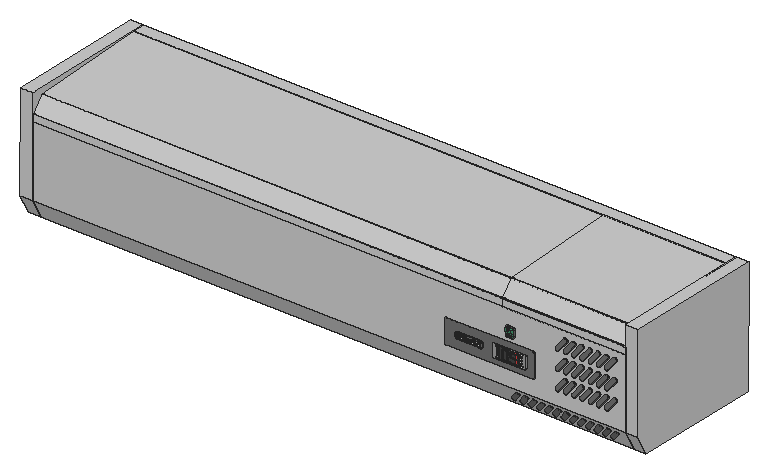
Revit family "QF_BLIZZARD_TOP1500-14EN", category Specialty Equipment, Revit 2016
Family settings
  Part Type = Normal
  Round Connector Dimension = Use Diameter
  OmniClass Number = 23.40.40.14
  OmniClass Title = Food Service Equipment
  Work Plane-Based = No
  Always vertical = Yes
  Cut with Voids When Loaded = No
  Shared = No
  Room Calculation Point = No
Parameters (values of type "TOP1500-14EN")
  URL = "www.blizzardequipment.com"
  Show Logo [instance] = yes
  Show Clearance [instance] = yes
  Model = "TOP1500-14EN"
  Manufacturer = "BLIZZARD"
  Description = "1/4 GASTRONORM PREP TOP WITH HINGED LID 1500MM"
  Assembly Code = "E1090320"
Reference planes
  plane 1 "Back": y = 0
  plane 2: z = 0
  plane 3 "Left": x = 0
  plane 4 "Right": x = 1500
  plane 5 "Front": y = -335
  plane 6 "Top": z = 281
Forms (mm)
  Extrusion 1, solid
    sketch origin (0, -4, -8) x (0, 1, 0) y (0, 0, 1)
      loop
        line (-331, 53) -> (-306, 8) -> (2.955, 8)
        arc (2.955, 8) -> (3.694, 8.306) -> (4, 9.045) r 1.045
        line (4, 9.045) -> (4, 289) -> (-331, 289) -> (-331, 53)
    from 0 to 30
  Extrusion 2, solid
    sketch origin (1470, -4, -8) x (0, 1, 0) y (0, 0, 1)
      loop
        line (-331, 53) -> (-306, 8) -> (2.955, 8)
        arc (2.955, 8) -> (3.694, 8.306) -> (4, 9.045) r 1.045
        line (4, 9.045) -> (4, 289) -> (-331, 289) -> (-331, 53)
    from 0 to 30
  Extrusion 3, solid
    sketch origin (-580, -4, -8) x (0, 1, 0) y (0, 0, 1)
      loop
        line (-331, 53) -> (-306, 8) -> (2.955, 8)
        arc (2.955, 8) -> (3.694, 8.306) -> (4, 9.045) r 1.045
        line (4, 9.045) -> (4, 289) -> (-26, 289) -> (-26, 38) -> (-288.348, 38) -> (-301, 60.774) -> (-301, 224.338) -> (-331, 224.338) -> (-331, 53)
    from 610 to 2050
  Extrusion 4, solid
    sketch origin (290, -333.5, -8.948) x (1, 0, 0) y (0, 0, 1)
      loop
        line (1030, 207.338) -> (1011.08, 183.441)
        arc (1011.08, 183.441) -> (1011.896, 176.418) -> (1018.92, 177.234) r 5
        line (1018.92, 177.234) -> (1037.84, 201.13)
        arc (1037.84, 201.13) -> (1037.024, 208.154) -> (1030, 207.338) r 5
      loop
        line (1050, 207.338) -> (1031.08, 183.441)
        arc (1031.08, 183.441) -> (1031.896, 176.418) -> (1038.92, 177.234) r 5
        line (1038.92, 177.234) -> (1057.84, 201.13)
        arc (1057.84, 201.13) -> (1057.024, 208.154) -> (1050, 207.338) r 5
      loop
        line (1070, 207.338) -> (1051.08, 183.441)
        arc (1051.08, 183.441) -> (1051.896, 176.418) -> (1058.92, 177.234) r 5
        line (1058.92, 177.234) -> (1077.84, 201.13)
        arc (1077.84, 201.13) -> (1077.024, 208.154) -> (1070, 207.338) r 5
      loop
        line (1090, 207.338) -> (1071.08, 183.441)
        arc (1071.08, 183.441) -> (1071.896, 176.418) -> (1078.92, 177.234) r 5
        line (1078.92, 177.234) -> (1097.84, 201.13)
        arc (1097.84, 201.13) -> (1097.024, 208.154) -> (1090, 207.338) r 5
      loop
        line (1110, 207.338) -> (1091.08, 183.441)
        arc (1091.08, 183.441) -> (1091.896, 176.418) -> (1098.92, 177.234) r 5
        line (1098.92, 177.234) -> (1117.84, 201.13)
        arc (1117.84, 201.13) -> (1117.024, 208.154) -> (1110, 207.338) r 5
      loop
        line (1130, 207.338) -> (1111.08, 183.441)
        arc (1111.08, 183.441) -> (1111.896, 176.418) -> (1118.92, 177.234) r 5
        line (1118.92, 177.234) -> (1137.84, 201.13)
        arc (1137.84, 201.13) -> (1137.024, 208.154) -> (1130, 207.338) r 5
      loop
        line (1150, 207.338) -> (1131.08, 183.441)
        arc (1131.08, 183.441) -> (1131.896, 176.418) -> (1138.92, 177.234) r 5
        line (1138.92, 177.234) -> (1157.84, 201.13)
        arc (1157.84, 201.13) -> (1157.024, 208.154) -> (1150, 207.338) r 5
      loop
        line (1030, 163.441) -> (1011.08, 139.545)
        arc (1011.08, 139.545) -> (1011.896, 132.521) -> (1018.92, 133.338) r 5
        line (1018.92, 133.338) -> (1037.84, 157.234)
        arc (1037.84, 157.234) -> (1037.024, 164.258) -> (1030, 163.441) r 5
      loop
        line (1050, 163.441) -> (1031.08, 139.545)
        arc (1031.08, 139.545) -> (1031.896, 132.521) -> (1038.92, 133.338) r 5
        line (1038.92, 133.338) -> (1057.84, 157.234)
        arc (1057.84, 157.234) -> (1057.024, 164.258) -> (1050, 163.441) r 5
      loop
        line (1070, 163.441) -> (1051.08, 139.545)
        arc (1051.08, 139.545) -> (1051.896, 132.521) -> (1058.92, 133.338) r 5
        line (1058.92, 133.338) -> (1077.84, 157.234)
        arc (1077.84, 157.234) -> (1077.024, 164.258) -> (1070, 163.441) r 5
      loop
        line (1090, 163.441) -> (1071.08, 139.545)
        arc (1071.08, 139.545) -> (1071.896, 132.521) -> (1078.92, 133.338) r 5
        line (1078.92, 133.338) -> (1097.84, 157.234)
        arc (1097.84, 157.234) -> (1097.024, 164.258) -> (1090, 163.441) r 5
      loop
        line (1110, 163.441) -> (1091.08, 139.545)
        arc (1091.08, 139.545) -> (1091.896, 132.521) -> (1098.92, 133.338) r 5
        line (1098.92, 133.338) -> (1117.84, 157.234)
        arc (1117.84, 157.234) -> (1117.024, 164.258) -> (1110, 163.441) r 5
      loop
        line (1130, 163.441) -> (1111.08, 139.545)
        arc (1111.08, 139.545) -> (1111.896, 132.521) -> (1118.92, 133.338) r 5
        line (1118.92, 133.338) -> (1137.84, 157.234)
        arc (1137.84, 157.234) -> (1137.024, 164.258) -> (1130, 163.441) r 5
      loop
        line (1150, 163.441) -> (1131.08, 139.545)
        arc (1131.08, 139.545) -> (1131.896, 132.521) -> (1138.92, 133.338) r 5
        line (1138.92, 133.338) -> (1157.84, 157.234)
        arc (1157.84, 157.234) -> (1157.024, 164.258) -> (1150, 163.441) r 5
      loop
        line (1030, 119.663) -> (1011.08, 95.767)
        arc (1011.08, 95.767) -> (1011.896, 88.743) -> (1018.92, 89.559) r 5
        line (1018.92, 89.559) -> (1037.84, 113.456)
        arc (1037.84, 113.456) -> (1037.024, 120.479) -> (1030, 119.663) r 5
      loop
        line (1050, 119.663) -> (1031.08, 95.767)
        arc (1031.08, 95.767) -> (1031.896, 88.743) -> (1038.92, 89.559) r 5
        line (1038.92, 89.559) -> (1057.84, 113.456)
        arc (1057.84, 113.456) -> (1057.024, 120.479) -> (1050, 119.663) r 5
      loop
        line (1070, 119.663) -> (1051.08, 95.767)
        arc (1051.08, 95.767) -> (1051.896, 88.743) -> (1058.92, 89.559) r 5
        line (1058.92, 89.559) -> (1077.84, 113.456)
        arc (1077.84, 113.456) -> (1077.024, 120.479) -> (1070, 119.663) r 5
      loop
        line (1090, 119.663) -> (1071.08, 95.767)
        arc (1071.08, 95.767) -> (1071.896, 88.743) -> (1078.92, 89.559) r 5
        line (1078.92, 89.559) -> (1097.84, 113.456)
        arc (1097.84, 113.456) -> (1097.024, 120.479) -> (1090, 119.663) r 5
      loop
        line (1110, 119.663) -> (1091.08, 95.767)
        arc (1091.08, 95.767) -> (1091.896, 88.743) -> (1098.92, 89.559) r 5
        line (1098.92, 89.559) -> (1117.84, 113.456)
        arc (1117.84, 113.456) -> (1117.024, 120.479) -> (1110, 119.663) r 5
      loop
        line (1130, 119.663) -> (1111.08, 95.767)
        arc (1111.08, 95.767) -> (1111.896, 88.743) -> (1118.92, 89.559) r 5
        line (1118.92, 89.559) -> (1137.84, 113.456)
        arc (1137.84, 113.456) -> (1137.024, 120.479) -> (1130, 119.663) r 5
      loop
        line (1150, 119.663) -> (1131.08, 95.767)
        arc (1131.08, 95.767) -> (1131.896, 88.743) -> (1138.92, 89.559) r 5
        line (1138.92, 89.559) -> (1157.84, 113.456)
        arc (1157.84, 113.456) -> (1157.024, 120.479) -> (1150, 119.663) r 5
    from 0 to 2
  Extrusion 5, solid
    sketch origin (1148, 205.936, 316.164) x (0, -0.34202, 0.939693) y (0, -0.939693, -0.34202)
      loop
        line (10.308, 247.326) -> (47.651, 233.734) -> (128.811, 499.195)
        arc (128.811, 499.195) -> (128.866, 499.813) -> (128.666, 500.4) r 1.501
        line (128.666, 500.4) -> (108.005, 535.217)
        arc (108.005, 535.217) -> (107.581, 535.724) -> (107.017, 536.068) r 2.032
        line (107.017, 536.068) -> (91.205, 542.456) -> (88.633, 535.39) -> (89.426, 502.22) -> (10.308, 247.326)
    from 24 to 322
  Extrusion 6, solid
    sketch origin (750.536, -333.5, -1719.361) x (1, 0, 0) y (0, 0, 1)
      loop
        arc (285, 1864.135) -> (281.464, 1862.671) -> (280, 1859.135) r 5
        line (280, 1859.135) -> (280, 1809.135)
        arc (280, 1809.135) -> (281.464, 1805.6) -> (285, 1804.135) r 5
        line (285, 1804.135) -> (494.464, 1804.135)
        arc (494.464, 1804.135) -> (498, 1805.6) -> (499.464, 1809.135) r 5
        line (499.464, 1809.135) -> (499.464, 1859.135)
        arc (499.464, 1859.135) -> (498, 1862.671) -> (494.464, 1864.135) r 5
        line (494.464, 1864.135) -> (285, 1864.135)
    from 0 to 2
  Extrusion 7, solid
    sketch origin (892.5, -333.5, -693.976) x (1, 0, 0) y (0, 0, 1)
      loop
        arc (260.5, 825) -> (258.379, 824.121) -> (257.5, 822) r 3
        line (257.5, 822) -> (257.5, 795.5)
        arc (257.5, 795.5) -> (258.379, 793.379) -> (260.5, 792.5) r 3
        line (260.5, 792.5) -> (334.5, 792.5)
        arc (334.5, 792.5) -> (336.621, 793.379) -> (337.5, 795.5) r 3
        line (337.5, 795.5) -> (337.5, 822)
        arc (337.5, 822) -> (336.621, 824.121) -> (334.5, 825) r 3
        line (334.5, 825) -> (260.5, 825)
    from 0 to 4
  Extrusion 8, solid
    sketch origin (892.5, -336.5, -683.976) x (1, 0, 0) y (0, 0, 1)
      loop
        arc (278, 812.5) -> (275.879, 811.621) -> (275, 809.5) r 3
        line (275, 809.5) -> (275, 788)
        arc (275, 788) -> (275.879, 785.879) -> (278, 785) r 3
        line (278, 785) -> (317, 785)
        arc (317, 785) -> (319.121, 785.879) -> (320, 788) r 3
        line (320, 788) -> (320, 809.5)
        arc (320, 809.5) -> (319.121, 811.621) -> (317, 812.5) r 3
        line (317, 812.5) -> (278, 812.5)
    from 0 to 2
  Extrusion 9, solid
    sketch origin (893.951, -337, -684.476) x (1, 0, 0) y (0, 0, 1)
      loop
        line (278.549, 800.5) -> (280.549, 800.5) -> (280.549, 809) -> (278.549, 809) -> (278.549, 800.5)
      loop
        line (278.549, 789) -> (280.549, 789) -> (280.549, 797) -> (278.549, 797) -> (278.549, 789)
      loop
        line (281.049, 811.5) -> (281.049, 809.5) -> (291.049, 809.5) -> (291.049, 811.5) -> (281.049, 811.5)
      loop
        line (293.549, 800.5) -> (293.549, 809) -> (291.549, 809) -> (291.549, 800.5) -> (293.549, 800.5)
      loop
        line (293.549, 789) -> (293.549, 797) -> (291.549, 797) -> (291.549, 789) -> (293.549, 789)
      loop
        line (281.049, 786.5) -> (291.049, 786.5) -> (291.049, 788.5) -> (281.049, 788.5) -> (281.049, 786.5)
      loop
        line (298.549, 800.5) -> (300.549, 800.5) -> (300.549, 809) -> (298.549, 809) -> (298.549, 800.5)
      loop
        line (301.049, 811.5) -> (301.049, 809.5) -> (311.049, 809.5) -> (311.049, 811.5) -> (301.049, 811.5)
      loop
        line (313.549, 800.5) -> (313.549, 809) -> (311.549, 809) -> (311.549, 800.5) -> (313.549, 800.5)
      loop
        line (313.549, 789) -> (313.549, 797) -> (311.549, 797) -> (311.549, 789) -> (313.549, 789)
      loop
        line (301.049, 798) -> (311.049, 798) -> (311.049, 800) -> (301.049, 800) -> (301.049, 798)
      loop
        line (301.049, 786.5) -> (311.049, 786.5) -> (311.049, 788.5) -> (301.049, 788.5) -> (301.049, 786.5)
      loop
        line (297.049, 786.5) -> (297.049, 788.5) -> (295.049, 788.5) -> (295.049, 786.5) -> (297.049, 786.5)
    from 0 to 2
  Extrusion 10, solid
    sketch origin (865.5, -336, -1688.976) x (1, 0, 0) y (0, 0, 1)
      loop
        arc (300, 1815) -> (299.121, 1817.121) -> (297, 1818) r 3
        line (297, 1818) -> (292, 1818) -> (292, 1816) -> (297, 1816)
        arc (297, 1816) -> (297.707, 1815.707) -> (298, 1815) r 1
        line (298, 1815) -> (298, 1811.5) -> (295, 1811.5) -> (295, 1809.5) -> (298, 1809.5) -> (298, 1805) -> (295, 1805) -> (295, 1803) -> (298, 1803) -> (298, 1798.5) -> (295, 1798.5) -> (295, 1796.5) -> (298, 1796.5) -> (298, 1793)
        arc (298, 1793) -> (297.707, 1792.293) -> (297, 1792) r 1
        line (297, 1792) -> (292, 1792) -> (292, 1790) -> (297, 1790)
        arc (297, 1790) -> (299.121, 1790.879) -> (300, 1793) r 3
        line (300, 1793) -> (300, 1815)
      loop
        line (349, 1815) -> (349, 1793)
        arc (349, 1793) -> (349.879, 1790.879) -> (352, 1790) r 3
        line (352, 1790) -> (357, 1790) -> (357, 1792) -> (352, 1792)
        arc (352, 1792) -> (351.293, 1792.293) -> (351, 1793) r 1
        line (351, 1793) -> (351, 1796.5) -> (354, 1796.5) -> (354, 1798.5) -> (351, 1798.5) -> (351, 1803) -> (354, 1803) -> (354, 1805) -> (351, 1805) -> (351, 1809.5) -> (354, 1809.5) -> (354, 1811.5) -> (351, 1811.5) -> (351, 1815)
        arc (351, 1815) -> (351.293, 1815.707) -> (352, 1816) r 1
        line (352, 1816) -> (357, 1816) -> (357, 1818) -> (352, 1818)
        arc (352, 1818) -> (349.879, 1817.121) -> (349, 1815) r 3
    from 0 to 2
  Extrusion 11, solid
    sketch origin (6, 205.936, 316.164) x (0, -0.34202, 0.939693) y (0, -0.939693, -0.34202)
      loop
        line (10.308, 247.326) -> (47.651, 233.734) -> (128.811, 499.195)
        arc (128.811, 499.195) -> (128.866, 499.813) -> (128.666, 500.4) r 1.501
        line (128.666, 500.4) -> (108.005, 535.217)
        arc (108.005, 535.217) -> (107.581, 535.724) -> (107.017, 536.068) r 2.032
        line (107.017, 536.068) -> (91.205, 542.456) -> (88.633, 535.39) -> (89.426, 502.22) -> (10.308, 247.326)
    from 24 to 1464
  Extrusion 12, solid
    sketch origin (290, -228.186, -144.176) x (1, 0, 0) y (0, -0.485643, 0.874157)
      loop
        line (1030, 207.338) -> (1011.08, 183.441)
        arc (1011.08, 183.441) -> (1011.896, 176.418) -> (1018.92, 177.234) r 5
        line (1018.92, 177.234) -> (1037.84, 201.13)
        arc (1037.84, 201.13) -> (1037.024, 208.154) -> (1030, 207.338) r 5
      loop
        line (1050, 207.338) -> (1031.08, 183.441)
        arc (1031.08, 183.441) -> (1031.896, 176.418) -> (1038.92, 177.234) r 5
        line (1038.92, 177.234) -> (1057.84, 201.13)
        arc (1057.84, 201.13) -> (1057.024, 208.154) -> (1050, 207.338) r 5
      loop
        line (1070, 207.338) -> (1051.08, 183.441)
        arc (1051.08, 183.441) -> (1051.896, 176.418) -> (1058.92, 177.234) r 5
        line (1058.92, 177.234) -> (1077.84, 201.13)
        arc (1077.84, 201.13) -> (1077.024, 208.154) -> (1070, 207.338) r 5
      loop
        line (1090, 207.338) -> (1071.08, 183.441)
        arc (1071.08, 183.441) -> (1071.896, 176.418) -> (1078.92, 177.234) r 5
        line (1078.92, 177.234) -> (1097.84, 201.13)
        arc (1097.84, 201.13) -> (1097.024, 208.154) -> (1090, 207.338) r 5
      loop
        line (1110, 207.338) -> (1091.08, 183.441)
        arc (1091.08, 183.441) -> (1091.896, 176.418) -> (1098.92, 177.234) r 5
        line (1098.92, 177.234) -> (1117.84, 201.13)
        arc (1117.84, 201.13) -> (1117.024, 208.154) -> (1110, 207.338) r 5
      loop
        line (1130, 207.338) -> (1111.08, 183.441)
        arc (1111.08, 183.441) -> (1111.896, 176.418) -> (1118.92, 177.234) r 5
        line (1118.92, 177.234) -> (1137.84, 201.13)
        arc (1137.84, 201.13) -> (1137.024, 208.154) -> (1130, 207.338) r 5
      loop
        line (1150, 207.338) -> (1131.08, 183.441)
        arc (1131.08, 183.441) -> (1131.896, 176.418) -> (1138.92, 177.234) r 5
        line (1138.92, 177.234) -> (1157.84, 201.13)
        arc (1157.84, 201.13) -> (1157.024, 208.154) -> (1150, 207.338) r 5
      loop
        line (910, 207.338) -> (891.08, 183.441)
        arc (891.08, 183.441) -> (891.896, 176.418) -> (898.92, 177.234) r 5
        line (898.92, 177.234) -> (917.84, 201.13)
        arc (917.84, 201.13) -> (917.024, 208.154) -> (910, 207.338) r 5
      loop
        line (930, 207.338) -> (911.08, 183.441)
        arc (911.08, 183.441) -> (911.896, 176.418) -> (918.92, 177.234) r 5
        line (918.92, 177.234) -> (937.84, 201.13)
        arc (937.84, 201.13) -> (937.024, 208.154) -> (930, 207.338) r 5
      loop
        line (950, 207.338) -> (931.08, 183.441)
        arc (931.08, 183.441) -> (931.896, 176.418) -> (938.92, 177.234) r 5
        line (938.92, 177.234) -> (957.84, 201.13)
        arc (957.84, 201.13) -> (957.024, 208.154) -> (950, 207.338) r 5
      loop
        line (970, 207.338) -> (951.08, 183.441)
        arc (951.08, 183.441) -> (951.896, 176.418) -> (958.92, 177.234) r 5
        line (958.92, 177.234) -> (977.84, 201.13)
        arc (977.84, 201.13) -> (977.024, 208.154) -> (970, 207.338) r 5
      loop
        line (990, 207.338) -> (971.08, 183.441)
        arc (971.08, 183.441) -> (971.896, 176.418) -> (978.92, 177.234) r 5
        line (978.92, 177.234) -> (997.84, 201.13)
        arc (997.84, 201.13) -> (997.024, 208.154) -> (990, 207.338) r 5
      loop
        line (1010, 207.338) -> (991.08, 183.441)
        arc (991.08, 183.441) -> (991.896, 176.418) -> (998.92, 177.234) r 5
        line (998.92, 177.234) -> (1017.84, 201.13)
        arc (1017.84, 201.13) -> (1017.024, 208.154) -> (1010, 207.338) r 5
    from 0 to 2
  Extrusion 13, solid
    sketch origin (1182.5, -324.999, -637.226) x (1, 0, 0) y (0, 0, 1)
      loop
        arc (3, 815) -> (0.879, 814.121) -> (0, 812) r 3
        line (0, 812) -> (0, 798)
        arc (0, 798) -> (0.879, 795.879) -> (3, 795) r 3
        line (3, 795) -> (12, 795)
        arc (12, 795) -> (14.121, 795.879) -> (15, 798) r 3
        line (15, 798) -> (15, 812)
        arc (15, 812) -> (14.121, 814.121) -> (12, 815) r 3
        line (12, 815) -> (3, 815)
    from 9.001 to 20
  Extrusion 14, void
    sketch origin (1180, 315.001, -637.226) x (0, 1, 0) y (0, 0, 1)
      loop
        line (-659.545, 817.359) -> (-661.721, 817.359) -> (-661.721, 793) -> (-653.921, 793) -> (-659.545, 817.359)
    from 0 to 20
  Extrusion 15, solid
    sketch origin (1182.5, -333, -637.226) x (1, 0, 0) y (0, 0, 1)
      loop
        arc (3, 818) -> (-1.243, 816.243) -> (-3, 812) r 6
        line (-3, 812) -> (-3, 798)
        arc (-3, 798) -> (-1.243, 793.757) -> (3, 792) r 6
        line (3, 792) -> (12, 792)
        arc (12, 792) -> (16.243, 793.757) -> (18, 798) r 6
        line (18, 798) -> (18, 812)
        arc (18, 812) -> (16.243, 816.243) -> (12, 818) r 6
        line (12, 818) -> (3, 818)
    from 0 to 4
  Extrusion 16, solid
    sketch origin (820.219, -160.033, -612.402) x (1, 0, 0) y (0, -0.224951, 0.97437)
      loop
        line (368.781, 810.281) -> (368.781, 805.281) -> (370.781, 805.281) -> (370.781, 810.281) -> (368.781, 810.281)
    from 0 to 2
  Extrusion 17, solid
    sketch origin (820.219, -156.884, -626.044) x (1, 0, 0) y (0, -0.224951, 0.97437)
      loop
        circle (369.781, 809.781) r 2.5
      loop
        circle (369.781, 809.781) r 3.5
    from 0 to 2
  Extrusion 18, solid, visible <- "Show Logo"
    sketch origin (1032.91, -333.7, -23.209) x (1, 0, 0) y (0, 0, 1)
      loop
        line (30.3, 133.137) -> (36.162, 133.137)
        arc (36.162, 133.137) -> (39.122, 134.994) -> (38.048, 138.319) r 2.844
        arc (38.048, 138.319) -> (38.838, 141.267) -> (36.338, 143.017) r 2.66
        line (36.338, 143.017) -> (31.338, 143.017) -> (30.3, 133.137)
      loop
        line (33.066, 135.126) -> (35.993, 135.126)
        arc (35.993, 135.126) -> (36.943, 136.076) -> (35.993, 137.026) r 0.95
        line (35.993, 137.026) -> (33.066, 137.026) -> (33.066, 135.126)
      loop
        line (33.528, 139.285) -> (36.147, 139.285)
        arc (36.147, 139.285) -> (36.994, 140.133) -> (36.147, 140.98) r 0.847
        line (36.147, 140.98) -> (33.528, 140.98) -> (33.528, 139.285)
      loop
        line (40.306, 133.137) -> (42.874, 133.137) -> (43.912, 143.017) -> (41.344, 143.017) -> (40.306, 133.137)
      loop
        line (45.174, 140.98) -> (47.749, 140.98) -> (47.964, 143.017) -> (45.389, 143.017) -> (45.174, 140.98)
      loop
        line (45.104, 140.313) -> (44.35, 133.137) -> (46.671, 133.137) -> (47.425, 140.313) -> (45.104, 140.313)
      loop
        line (48.314, 138.359) -> (51.196, 138.359) -> (47.765, 134.548) -> (47.765, 133.137) -> (54.184, 133.137) -> (54.393, 135.126) -> (51.213, 135.126) -> (54.657, 138.952) -> (54.657, 140.313) -> (48.519, 140.313) -> (48.314, 138.359)
      loop
        line (55.213, 138.359) -> (58.095, 138.359) -> (54.664, 134.548) -> (54.664, 133.137) -> (61.084, 133.137) -> (61.293, 135.126) -> (58.112, 135.126) -> (61.557, 138.952) -> (61.557, 140.313) -> (55.419, 140.313) -> (55.213, 138.359)
      loop
        arc (64.816, 137.983) -> (65.785, 138.952) -> (66.753, 137.983) r 0.969
        line (66.753, 137.983) -> (64.711, 137.436)
        arc (64.711, 137.436) -> (62.642, 134.297) -> (66.342, 133.633) r 2.251
        line (66.342, 133.633) -> (66.77, 132.921) -> (69.168, 132.921) -> (68.641, 134.052) -> (69.084, 138.274)
        arc (69.084, 138.274) -> (65.782, 140.567) -> (62.514, 138.225) r 3.488
        line (62.514, 138.225) -> (64.816, 137.983)
      loop
        line (69.848, 133.137) -> (72.232, 133.137) -> (72.59, 136.546)
        arc (72.59, 136.546) -> (73.413, 137.974) -> (75.025, 138.32) r 2.029
        line (75.025, 138.32) -> (75.83, 140.313)
        arc (75.83, 140.313) -> (74.279, 140.541) -> (72.927, 139.749) r 2.362
        line (72.927, 139.749) -> (72.927, 140.627) -> (70.635, 140.627) -> (69.848, 133.137)
      loop
        line (82.596, 133.137) -> (83.635, 143.017) -> (81.373, 143.017) -> (81.031, 139.764)
        arc (81.031, 139.764) -> (75.402, 137.124) -> (80.359, 133.372) r 3.631
        line (80.359, 133.372) -> (82.596, 133.137)
      loop
        spline (78.956, 134.82) -> (79.32, 134.851) -> (79.675, 135.016) -> (79.994, 135.304) -> (80.258, 135.695) -> (80.446, 136.164) -> (80.548, 136.677) -> (80.555, 137.2) -> (80.468, 137.697) -> (80.292, 138.134) -> (80.039, 138.483) -> (79.727, 138.718) -> (79.376, 138.823)
        spline (79.376, 138.823) -> (79.011, 138.793) -> (78.657, 138.628) -> (78.338, 138.34) -> (78.074, 137.948) -> (77.886, 137.48) -> (77.784, 136.967) -> (77.777, 136.444) -> (77.864, 135.947) -> (78.04, 135.509) -> (78.293, 135.161) -> (78.605, 134.926) -> (78.956, 134.82)
      loop
        line (66.385, 136.28) -> (64.729, 135.958)
        arc (64.729, 135.958) -> (64.361, 135.233) -> (65.042, 134.788) r 0.609
        arc (65.042, 134.788) -> (66.068, 135.215) -> (66.385, 136.28) r 1.295
      loop
        line (85.459, 146.184) -> (29.578, 146.184)
        arc (29.578, 146.184) -> (25.494, 144.492) -> (23.802, 140.407) r 5.777
        line (23.802, 140.407) -> (23.802, 135.662)
        arc (23.802, 135.662) -> (25.494, 131.578) -> (29.578, 129.886) r 5.777
        line (29.578, 129.886) -> (85.459, 129.886)
        arc (85.459, 129.886) -> (89.544, 131.578) -> (91.236, 135.662) r 5.777
        line (91.236, 135.662) -> (91.236, 140.407)
        arc (91.236, 140.407) -> (89.544, 144.492) -> (85.459, 146.184) r 5.777
      loop
        line (85.459, 145.184) -> (29.578, 145.184)
        arc (29.578, 145.184) -> (26.201, 143.785) -> (24.802, 140.407) r 4.777
        line (24.802, 140.407) -> (24.802, 135.662)
        arc (24.802, 135.662) -> (26.201, 132.285) -> (29.578, 130.886) r 4.777
        line (29.578, 130.886) -> (85.459, 130.886)
        arc (85.459, 130.886) -> (88.837, 132.285) -> (90.236, 135.662) r 4.777
        line (90.236, 135.662) -> (90.236, 140.407)
        arc (90.236, 140.407) -> (88.837, 143.785) -> (85.459, 145.184) r 4.777
    from 0 to 2
  Extrusion 19, solid, visible <- "Show Clearance", detail levels coarse
    sketch origin (0, 0, 0) x (0, 1, 0) y (0, 0, 1)
      loop
        line (-30, 281) -> (-30, 586)
        arc (-30, 586) -> (-251.287, 490.87) -> (-335, 265.016) r 305.715
        line (-335, 265.016) -> (-30, 281)
    from 30 to 1165
  Extrusion 20, solid, visible <- "Show Clearance", detail levels coarse
    sketch origin (605, 0, 0) x (0, 1, 0) y (0, 0, 1)
      loop
        line (-30, 281) -> (-30, 586)
        arc (-30, 586) -> (-251.287, 490.87) -> (-335, 265.016) r 305.715
        line (-335, 265.016) -> (-30, 281)
    from 567 to 865
Cuts and joins
  Extrusion 14 cuts Extrusion 13
Lines and regions (mm)
  symbolic lines, style "200-EquipBorder-2D"
    curve 1: line (0, 0, 0) -> (1500, 0, 0)
    curve 2: line (0, -335, 0) -> (0, 0, 0)
    curve 3: line (1500, -335, 0) -> (0, -335, 0)
    curve 4: line (1500, 0, 0) -> (1500, -335, 0)
  symbolic lines, style "200-EquipInternal-2D"
    curve 5: line (30, -30, 0) -> (30, -335, 0)
    curve 6: line (1470, -30, 0) -> (30, -30, 0)
    curve 7: line (1470, -335, 0) -> (1470, -30, 0)
    curve 8: line (1165, -335, 0) -> (1165, -30, 0)
    curve 9: line (1172, -30, 0) -> (1172, -335, 0)
Dimensions and locks
  plane 3 "Left" to plane 4 "Right" = 1500 mm
  plane 5 "Front" to plane 1 "Back" = 335 mm
  plane 6 "Top" to level = 281 mm  (x2)
  plane 1 "Back" to plane 5 "Front" = 335 mm
  plane 4 "Right" to plane 3 "Left" = 1500 mm
  aligned and locked: level to plane 2
